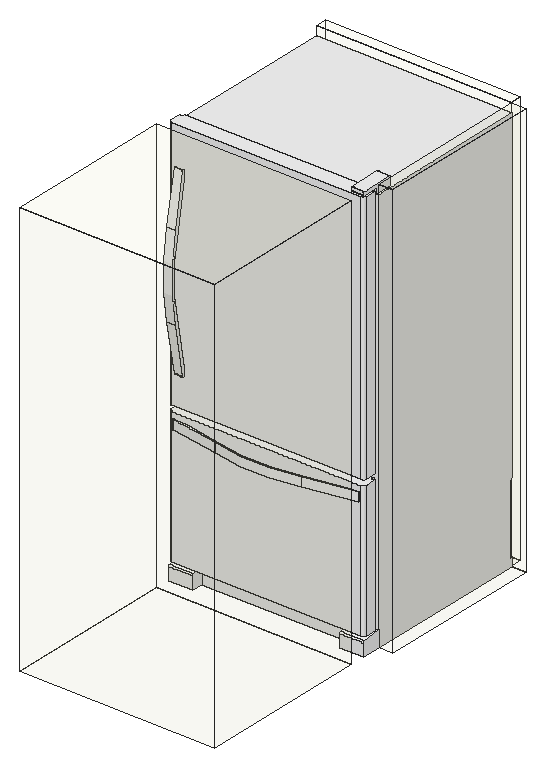
Revit family "WRB322DMBW-006c_Refrigeration_BM", category Specialty Equipment, Revit 2026
Family settings
  Round Connector Dimension = Use Diameter
  Part Type = Normal
  Work Plane-Based = No
  Enable Cutting in Views = No
  Always vertical = Yes
  Cut with Voids When Loaded = No
  Maintain Annotation Orientation = No
  Shared = No
  Room Calculation Point = No
Parameters (values of type "WRB322DMBW")
  Width = 32 5/8"
  Warranty Duration (Years) = "Five years limited"
  Voltage = 120 V
  URL = "https://www.whirlpool.com/kitchen/refrigeration/refrigerators/bottom-freezer/p.33-inches-wide-bottom-freezer-refrigerator-with-spillguard-glass-shelves-22-cu.-ft.wrb322dmbb.html"
  Specification = ""
  SpecWizard = ""
  Show Clearance [instance] = yes
  Send Message = ""
  Sales Information = "https://www.whirlpool.com/kitchen/refrigeration/refrigerators/bottom-freezer/p.33-inches-wide-bottom-freezer-refrigerator-with-spillguard-glass-shelves-22-cu.-ft.wrb322dmbb.html"
  Product Data = "https://www.whirlpool.com/content/dam/global/documents/201901/owners-manual-w11304737-revA.pdf"
  Model = "WRB322DMBW"
  Manufacturer Website = ""
  Manufacturer Phone - Toll Free = ""
  Manufacturer Phone = ""
  Manufacturer Fax = ""
  Manufacturer Email = ""
  Manufacturer Address = ""
  Manufacturer = "Whirlpool"
  Maintenance Schedule (Months) = "NA"
  Leg Material = ARCAT - Metal - Steel - White
  Installation-Fabrication = "https://www.whirlpool.com/content/dam/global/documents/201804/dimension-guide-w105975948.pdf"
  Installation Phase = "NA"
  Height = 70"
  Handle Material = ARCAT - Metal - Steel - White
  HW size = 0"
  Family Name = "Freestanding Refrigerator"
  Expected Lifespan (Years) = "NA"
  Exhaust size = 0"
  Drawn By = ""
  Drain size = 0"
  Door Material = ARCAT - Metal - Steel - White
  Description = "Whirlpool® 33-inch Wide Bottom-Freezer Refrigerator with SpillGuard™ Glass Shelves - 22 cu. ft"
  Depth = 33 3/8"
  Default Elevation = 0"
  Copyright = ""
  Clearance Material = ARCAT - Clearance
  CW size = 0"
  Body Material = ARCAT - Metal - Steel - White
  Apparent Load = 0 VA
  Amps = 15 A
Reference planes (in)
  plane 1 "Center (Front/Back)": y = 0
  plane 2: z = 0
  plane 3 "Center (Left/Right)": x = 0
  plane 4: x = -16.3125
  plane 5: x = 16.3125
  plane 6: z = 0
  plane 7: z = 70
  plane 8: z = 0
  plane 9: y = -2
  plane 10: y = -35.375
  plane 11: z = 12
Forms (in)
  Extrusion 1, solid, material "ARCAT - Clearance" <- "Clearance Material", visible <- "Show Clearance", detail levels medium+fine
    sketch origin (63.95747, -149.5, 0) x (-1, 0, 0) y (0, -1, 0)
      loop
        line (47.64497, -149.5) -> (80.26997, -149.5) -> (80.26997, -147.5) -> (47.64497, -147.5) -> (47.64497, -149.5)
    from 0.5 to 70
  Extrusion 2, solid, material "ARCAT - Metal - Steel - White" <- "Body Material"
    sketch origin (0, -1.25, 0) x (1, 0, 0) y (0, 1, 0)
      loop
        line (-16.3125, -1) -> (-16.3125, -28.625) -> (16.3125, -28.625) -> (16.3125, -1) -> (-16.3125, -1)
    from 0.5 to 68.5
  Extrusion 3, solid, material "ARCAT - Metal - Steel - White" <- "Door Material"
    sketch origin (0, -5, 58.5) x (1, 0, 0) y (0, 1, 0)
      loop
        line (-16.3125, -25.625) -> (-16.3125, -27.375)
        arc (-16.3125, -27.375) -> (-16.16605, -27.72855) -> (-15.8125, -27.875) r 0.5
        line (-15.8125, -27.875) -> (15.8125, -27.875)
        arc (15.8125, -27.875) -> (16.16605, -27.72855) -> (16.3125, -27.375) r 0.5
        line (16.3125, -27.375) -> (16.3125, -25.625) -> (15.8125, -25.625) -> (15.8125, -25.125) -> (-15.8125, -25.125) -> (-15.8125, -25.625) -> (-16.3125, -25.625)
    from -31.5 to 10.75
  Extrusion 4, solid, material "ARCAT - Metal - Steel - White" <- "Body Material"
    sketch origin (-16.3125, -2.25, 2.25) x (1, 0, 0) y (0, 0, -1)
      loop
        line (32.625, -11.5) -> (32.625, 0.25) -> (0, 0.25) -> (0, -11.5) -> (32.625, -11.5)
    from 0 to 0.15591
  Extrusion 5, solid, material "ARCAT - Clearance" <- "Clearance Material", visible <- "Show Clearance", detail levels medium+fine
    sketch origin (63.95747, -179.5, 0) x (-1, 0, 0) y (0, -1, 0)
      loop
        line (47.64497, -144.125) -> (80.26997, -144.125) -> (80.26997, -115.5) -> (47.64497, -115.5) -> (47.64497, -144.125)
    from 0.5 to 70
  Extrusion 6, solid, material "ARCAT - Metal - Steel - White" <- "Leg Material"
    sketch origin (4.68238, 18.64858, 0.5) x (1, 0, 0) y (0, -1, 0)
      loop
        circle (-18.49488, 23.14858) r 0.75
    from 0 to 0.5
  Extrusion 7, solid, material "ARCAT - Metal - Steel - White" <- "Leg Material"
    sketch origin (-4.68238, 18.64858, 0.5) x (1, 0, 0) y (0, -1, 0)
      loop
        circle (18.49488, 23.14858) r 0.75
    from 0 to 0.5
  Extrusion 8, solid, material "ARCAT - Metal - Steel - White" <- "Leg Material"
    sketch origin (4.68238, -1.60142, 0.5) x (1, 0, 0) y (0, -1, 0)
      loop
        circle (-18.49488, 22.39858) r 0.75
    from 0 to 0.5
  Extrusion 9, solid, material "ARCAT - Metal - Steel - White" <- "Leg Material"
    sketch origin (-4.68238, -1.60142, 0.5) x (1, 0, 0) y (0, -1, 0)
      loop
        circle (18.49488, 22.39858) r 0.75
    from 0 to 0.5
  Extrusion 10, solid, material "ARCAT - Clearance" <- "Clearance Material", visible <- "Show Clearance", detail levels medium+fine
    sketch origin (91.95747, -163.63786, 0) x (-1, 0, 0) y (0, -1, 0)
      loop
        line (73.14497, -161.63786) -> (75.64497, -161.63786) -> (75.64497, -133.76286) -> (73.14497, -133.76286) -> (73.14497, -161.63786)
    from 0.5 to 70
  Extrusion 11, solid, material "ARCAT - Metal - Steel - White" <- "Door Material"
    sketch origin (0, -5, 17.5) x (1, 0, 0) y (0, 1, 0)
      loop
        line (-16.3125, -25.625) -> (-16.3125, -27.375)
        arc (-16.3125, -27.375) -> (-16.16605, -27.72855) -> (-15.8125, -27.875) r 0.5
        line (-15.8125, -27.875) -> (15.8125, -27.875)
        arc (15.8125, -27.875) -> (16.16605, -27.72855) -> (16.3125, -27.375) r 0.5
        line (16.3125, -27.375) -> (16.3125, -25.625) -> (15.8125, -25.625) -> (15.8125, -25.125) -> (-15.8125, -25.125) -> (-15.8125, -25.625) -> (-16.3125, -25.625)
    from -14 to 8.5
  Extrusion 12, solid, material "ARCAT - Metal - Steel - White" <- "Handle Material"
    sketch origin (0, -1.25, 23.5) x (1, 0, 0) y (0, -1, 0)
      loop
        arc (-14.16358, 31.625) -> (-10.59184, 32.17525) -> (-7.06599, 32.96802) r 52.91373
        arc (-7.06599, 32.96802) -> (0, 33.875) -> (7.06599, 32.96802) r 27.97788
        arc (7.06599, 32.96802) -> (10.59184, 32.17525) -> (14.16358, 31.625) r 52.91373
        line (14.16358, 31.625) -> (14.77184, 31.625) -> (15.5, 31.625) -> (15.5, 31.71257)
        arc (15.5, 31.71257) -> (15.4939, 31.72835) -> (15.47877, 31.7359) r 0.02344
        arc (15.47877, 31.7359) -> (11.27424, 32.3046) -> (7.12913, 33.20991) r 52.66373
        arc (7.12913, 33.20991) -> (0, 34.125) -> (-7.12913, 33.20991) r 28.22788
        arc (-7.12913, 33.20991) -> (-11.2734, 32.30475) -> (-15.47707, 31.73606) r 52.66373
        arc (-15.47707, 31.73606) -> (-15.49341, 31.7279) -> (-15.5, 31.71087) r 0.02531
        line (-15.5, 31.71087) -> (-15.5, 31.625) -> (-14.16358, 31.625)
    from 0 to -1.5
  Extrusion 13, solid, material "ARCAT - Metal - Steel - White" <- "Handle Material"
    sketch origin (-13.8125, -1.25, 47.375) x (0, 1, 0) y (0, 0, 1)
      loop
        arc (-31.625, -14.16358) -> (-32.17525, -10.59184) -> (-32.96802, -7.06599) r 52.91373
        arc (-32.96802, -7.06599) -> (-33.875, 0) -> (-32.96802, 7.06599) r 27.97788
        arc (-32.96802, 7.06599) -> (-32.17525, 10.59184) -> (-31.625, 14.16358) r 52.91373
        line (-31.625, 14.16358) -> (-31.625, 14.77184) -> (-31.625, 15.5) -> (-31.71257, 15.5)
        arc (-31.71257, 15.5) -> (-31.72835, 15.4939) -> (-31.7359, 15.47877) r 0.02344
        arc (-31.7359, 15.47877) -> (-32.3046, 11.27424) -> (-33.20991, 7.12913) r 52.66373
        arc (-33.20991, 7.12913) -> (-34.125, 0) -> (-33.20991, -7.12913) r 28.22788
        arc (-33.20991, -7.12913) -> (-32.30475, -11.2734) -> (-31.73606, -15.47707) r 52.66373
        arc (-31.73606, -15.47707) -> (-31.7279, -15.49341) -> (-31.71087, -15.5) r 0.02531
        line (-31.71087, -15.5) -> (-31.625, -15.5) -> (-31.625, -14.16358)
    from 0 to -1.5
  Extrusion 14, solid, material "ARCAT - Metal - Steel - White" <- "Body Material"
    sketch origin (16.0625, -27.47329, 69) x (0, -1, 0) y (0, 0, -1)
      loop
        line (2.40171, 0.5) -> (-0.28197, 0.5) -> (-0.28197, -0.9375)
        arc (-0.28197, -0.9375) -> (-0.26367, -0.98169) -> (-0.21947, -1) r 0.0625
        line (-0.21947, -1) -> (4.97565, -1)
        arc (4.97565, -1) -> (5.02061, -0.98138) -> (5.03923, -0.93642) r 0.06358
        line (5.03923, -0.93642) -> (5.03923, -0.42244)
        arc (5.03923, -0.42244) -> (5.02093, -0.37824) -> (4.97673, -0.35994) r 0.0625
        line (4.97673, -0.35994) -> (2.40171, -0.35994) -> (2.40171, 0.5)
    from 0 to -2.0625
  Extrusion 15, solid, material "ARCAT - Metal - Steel - White" <- "Body Material"
    sketch origin (-16.3125, -29.875, 0) x (0, 1, 0) y (0, 0, -1)
      loop
        line (0, -0.5) -> (-3, -0.5) -> (-3, -2.60092)
        arc (-3, -2.60092) -> (-2.9401, -2.76328) -> (-2.78911, -2.84784) r 0.25
        line (-2.78911, -2.84784) -> (0, -3.2896) -> (0, -0.5)
    from 0 to -4
  Extrusion 16, solid, material "ARCAT - Metal - Steel - White" <- "Body Material"
    sketch origin (16.3125, -26.5, 0) x (0, 1, 0) y (0, 0, 1)
      loop
        line (-3.375, 0.5) -> (-3.375, 3.2896) -> (-6.16411, 2.84784)
        arc (-6.16411, 2.84784) -> (-6.3151, 2.76328) -> (-6.375, 2.60092) r 0.25
        line (-6.375, 2.60092) -> (-6.375, 0.5) -> (-3.375, 0.5)
    from 0 to -4
  Extrusion 17, solid, material "ARCAT - Metal - Steel - White" <- "Body Material"
    sketch origin (12.3125, -26.5, 0) x (0, -1, 0) y (0, 0, 1)
      loop
        line (3.375, 0.5) -> (4.46096, 0.5) -> (4.46096, 3.1176) -> (3.375, 3.2896) -> (3.375, 0.5)
    from 0 to 24.625
  Extrusion 18, solid, material "ARCAT - Metal - Steel - White" <- "Body Material"
    sketch origin (-14, -2.25, 0) x (1, 0, 0) y (0, 0, -1)
      loop
        line (30.3125, -68.5) -> (30.3125, -13.75) -> (29.8125, -13.75) -> (29.8125, -68) -> (-1.8125, -68) -> (-1.8125, -13.75) -> (-2.3125, -13.75) -> (-2.3125, -68.5) -> (30.3125, -68.5)
      loop
        line (30.3125, -0.5) -> (29.8125, -0.5) -> (29.8125, -2) -> (30.3125, -2) -> (30.3125, -0.5)
      loop
        line (-2.3125, -0.5) -> (-2.3125, -2) -> (-1.8125, -2) -> (-1.8125, -0.5) -> (-2.3125, -0.5)
    from 0 to 0.25
  Blend 19, solid, material "ARCAT - Metal - Steel - White" <- "Body Material"
    base sketch origin (0, -0.09409, 1.75) x (1, 0, 0) y (0, 0, 1)
      loop
        arc (-4.13603, 9.23032) -> (-4.21502, 9.42101) -> (-4.40571, 9.5) r 0.26968
        line (-4.40571, 9.5) -> (-14.54282, 9.5)
        arc (-14.54282, 9.5) -> (-14.73351, 9.42101) -> (-14.8125, 9.23032) r 0.26968
        line (-14.8125, 9.23032) -> (-14.8125, 1.76968)
        arc (-14.8125, 1.76968) -> (-14.73351, 1.57899) -> (-14.54282, 1.5) r 0.26968
        line (-14.54282, 1.5) -> (-4.40571, 1.5)
        arc (-4.40571, 1.5) -> (-4.21502, 1.57899) -> (-4.13603, 1.76968) r 0.26968
        line (-4.13603, 1.76968) -> (-4.13603, 9.23032)
    top sketch origin (0, -0.09409, 1.75) x (1, 0, 0) y (0, 0, 1)
      loop
        arc (-4.38603, 9.23032) -> (-4.3918, 9.24424) -> (-4.40571, 9.25) r 0.01968
        line (-4.40571, 9.25) -> (-14.54282, 9.25)
        arc (-14.54282, 9.25) -> (-14.55674, 9.24424) -> (-14.5625, 9.23032) r 0.01968
        line (-14.5625, 9.23032) -> (-14.5625, 1.76968)
        arc (-14.5625, 1.76968) -> (-14.55674, 1.75576) -> (-14.54282, 1.75) r 0.01968
        line (-14.54282, 1.75) -> (-4.40571, 1.75)
        arc (-4.40571, 1.75) -> (-4.3918, 1.75576) -> (-4.38603, 1.76968) r 0.01968
        line (-4.38603, 1.76968) -> (-4.38603, 9.23032)
    from 2 to 1.90591
  Blend 20, solid, material "ARCAT - Metal - Steel - White" <- "Body Material"
    base sketch origin (8.04815, -0.09409, 2) x (1, 0, 0) y (0, 0, 1)
      loop
        line (-4.36143, 9) -> (-11.12668, 9)
        arc (-11.12668, 9) -> (-11.28607, 8.93398) -> (-11.35208, 8.7746) r 0.2254
        line (-11.35208, 8.7746) -> (-11.35208, 1.1004)
        arc (-11.35208, 1.1004) -> (-11.28607, 0.94102) -> (-11.12668, 0.875) r 0.2254
        line (-11.12668, 0.875) -> (-4.36143, 0.875)
        arc (-4.36143, 0.875) -> (-4.20205, 0.94102) -> (-4.13603, 1.1004) r 0.2254
        line (-4.13603, 1.1004) -> (-4.13603, 8.7746)
        arc (-4.13603, 8.7746) -> (-4.20205, 8.93398) -> (-4.36143, 9) r 0.2254
    top sketch origin (8.04815, -0.09409, 2) x (1, 0, 0) y (0, 0, 1)
      loop
        arc (-4.33525, 8.7746) -> (-4.34292, 8.79311) -> (-4.36143, 8.80078) r 0.02618
        line (-4.36143, 8.80078) -> (-11.12668, 8.80078)
        arc (-11.12668, 8.80078) -> (-11.1452, 8.79311) -> (-11.15287, 8.7746) r 0.02618
        line (-11.15287, 8.7746) -> (-11.15287, 1.1004)
        arc (-11.15287, 1.1004) -> (-11.1452, 1.08189) -> (-11.12668, 1.07422) r 0.02618
        line (-11.12668, 1.07422) -> (-4.36143, 1.07422)
        arc (-4.36143, 1.07422) -> (-4.34292, 1.08189) -> (-4.33525, 1.1004) r 0.02618
        line (-4.33525, 1.1004) -> (-4.33525, 8.7746)
    from 2 to 1.90591
  Extrusion 21, solid, material "ARCAT - Metal - Steel - White" <- "Body Material"
    sketch origin (-16.3125, -2.25, -3.5) x (1, 0, 0) y (0, 0, -1)
      loop
        circle (5.66609, -29.78569) r 0.25
    from 0 to 0.03125
  Extrusion 22, solid, material "ARCAT - Metal - Steel - White" <- "Body Material"
    sketch origin (-17.3125, -2.25, -1.5) x (1, 0, 0) y (0, 0, -1)
      loop
        circle (20.21038, -56.02428) r 0.25
    from 0 to 0.03125
  Extrusion 23, solid, material "ARCAT - Metal - Steel - White" <- "Body Material"
    sketch origin (-16.3125, -2.09409, 1.6875) x (1, 0, 0) y (0, 0, -1)
      loop
        circle (16.3125, 0.33203) r 0.25
    from 0 to 0.03125
Cuts and joins
  joined: Extrusion 15, Extrusion 16, Extrusion 17
  joined: Extrusion 2, Extrusion 18
Lines and regions (in)
  symbolic lines
    curve 1: line (-16.3125, -2, 0) -> (16.3125, -2, 0)
    curve 2: line (-16.3125, -32.875, 0) -> (-16.3125, -2, 0)
    curve 3: line (16.3125, -2, 0) -> (16.3125, -32.875, 0)
  symbolic lines, style "SpecialityEquipment"
    curve 4: line (-15.3125, -35.375, 70) -> (-15.3125, -32.875, 70)
    curve 5: line (-15.3125, -35.375, 70) -> (-13.8125, -35.375, 70)
    curve 6: line (-13.8125, -35.375, 70) -> (-13.8125, -32.875, 70)
    curve 7: arc (-7.12913, -34.45991, 70) -> (-10.44996, -33.70689, 70) -> (-13.8125, -33.17005, 70) r 52.66373
    curve 8: arc (7.12913, -34.45991, 70) -> (0, -35.375, 70) -> (-7.12913, -34.45991, 70) r 28.22788
    curve 9: arc (15.47877, -32.9859, 70) -> (11.27424, -33.5546, 70) -> (7.12913, -34.45991, 70) r 52.66373
    curve 10: line (15.5, -32.96257, 70) -> (15.5, -32.875, 70)
    curve 11: arc (15.5, -32.96257, 70) -> (15.4939, -32.97835, 70) -> (15.47877, -32.9859, 70) r 0.02344
    curve 12: line (-16.3125, -32.875, 70) -> (16.3125, -32.875, 70)
    curve 13: arc (7.06599, -34.21802, 70) -> (10.59184, -33.42525, 70) -> (14.16358, -32.875, 70) r 52.91373
    curve 14: arc (-7.06599, -34.21802, 70) -> (0, -35.125, 70) -> (7.06599, -34.21802, 70) r 27.97788
    curve 15: arc (-13.8125, -32.91806, 70) -> (-10.41813, -33.45842, 70) -> (-7.06599, -34.21802, 70) r 52.91373
  model lines
    curve 16: line (-10.3125, -30.96096, 2.64468) -> (-10.3125, -30.96096, 0.85509)
    curve 17: line (10.3125, -30.96096, 2.64468) -> (-10.3125, -30.96096, 2.64468)
    curve 18: line (-10.3125, -30.96096, 0.85509) -> (10.3125, -30.96096, 0.85509)
    curve 19: line (10.3125, -30.96096, 2.64468) -> (10.3125, -30.96096, 0.85509)
    curve 20: line (10.3125, -30.96096, 2.20718) -> (-10.3125, -30.96096, 2.20718)
    curve 21: line (10.3125, -30.96096, 1.76968) -> (-10.3125, -30.96096, 1.76968)
    curve 22: line (10.3125, -30.96096, 1.29259) -> (-10.3125, -30.96096, 1.29259)
    curve 23: line (6.875, -2.09409, 11) -> (4.6875, -2.09409, 11)
    curve 24: line (4.6875, -2.09409, 11) -> (4.6875, -2.09409, 2.85509)
    curve 25: line (4.6875, -2.09409, 2.85509) -> (6.875, -2.09409, 2.85509)
    curve 26: line (6.875, -2.09409, 2.85509) -> (6.875, -2.09409, 11)
    curve 27: line (9.5, -2.09409, 11) -> (7.3125, -2.09409, 11)
    curve 28: line (7.3125, -2.09409, 11) -> (7.3125, -2.09409, 2.85509)
    curve 29: line (7.3125, -2.09409, 2.85509) -> (9.5, -2.09409, 2.85509)
    curve 30: line (9.5, -2.09409, 2.85509) -> (9.5, -2.09409, 11)
    curve 31: line (12.125, -2.09409, 11) -> (9.9375, -2.09409, 11)
    curve 32: line (9.9375, -2.09409, 11) -> (9.9375, -2.09409, 2.85509)
    curve 33: line (9.9375, -2.09409, 2.85509) -> (12.125, -2.09409, 2.85509)
    curve 34: line (12.125, -2.09409, 2.85509) -> (12.125, -2.09409, 11)
    curve 35: line (14.75, -2.09409, 11) -> (12.5625, -2.09409, 11)
    curve 36: line (12.5625, -2.09409, 11) -> (12.5625, -2.09409, 2.85509)
    curve 37: line (12.5625, -2.09409, 2.85509) -> (14.75, -2.09409, 2.85509)
    curve 38: line (14.75, -2.09409, 2.85509) -> (14.75, -2.09409, 11)
Dimensions and locks (in)
  equal spacing: plane 4, plane 3 "Center (Left/Right)", plane 5
  "Width": plane 4 to plane 5
  "Height": plane 7 to level
  "Depth": plane 9 to plane 10
  aligned and locked: plane 2 to level
Automatic sketch dimensions
  curve 2 to plane 4 = 0"
  curve 3 to plane 5 = 0"
  plane 9 to curve 2 = 0"
  plane 10 to curve 3 = 2 1/2"
  plane 10 to curve 2 = 2 1/2"
  Extrusion 1 sketch curve to plane 5 = 0"
  Extrusion 1 sketch curve to plane 4 = 0"
  plane 1 "Center (Front/Back)" to Extrusion 1 sketch curve = 0"
  plane 9 to Extrusion 1 sketch curve = 0"
  curve 7 to curve 15 = 0"  (x2)
  curve 8 to curve 14 = 0"  (x2)
  curve 9 to curve 13 = 0"  (x2)
  curve 12 to plane 5 = 0"
  curve 8 to plane 3 "Center (Left/Right)" = 0"
  curve 12 to plane 4 = 0"
  curve 13 to plane 5 = 4 15/128"
  plane 5 to curve 10 = 13/16"
  curve 11 to curve 11 = 3/128"
  plane 10 to curve 5 = 0"
  plane 4 to curve 5 = 2 1/2"
  plane 4 to curve 5 = 1"
  curve 15 to plane 4 = 4 15/128"
  plane 10 to curve 11 = 2.41243"
  plane 9 to curve 8 = 5.14712"
  curve 15 to plane 10 = 50.0414"
  curve 7 to curve 9 = 0"
  curve 9 to curve 11 = 0"
  curve 11 to curve 13 = 1.31299"
  curve 8 to curve 9 = 0"
  curve 8 to curve 14 = 0.06314"
  curve 13 to curve 14 = 0"
  curve 15 to curve 14 = 0"
  curve 7 to curve 8 = 0"
  Extrusion 2 sketch curve to plane 4 = 0"
  Extrusion 2 sketch curve to plane 5 = 0"
  plane 10 to Extrusion 2 sketch curve = 5 1/2"
  plane 9 to Extrusion 2 sketch curve = 1/4"
  Extrusion 3 sketch curve to plane 4 = 0"
  Extrusion 3 sketch curve to plane 5 = 0"
  plane 4 to Extrusion 3 sketch curve = 1/2"  (x2)
  plane 5 to Extrusion 3 sketch curve = 1/2"  (x2)
  plane 10 to Extrusion 3 sketch curve = 2 1/2"
  Extrusion 3 sketch curve to Extrusion 3 sketch curve = 1 3/4"  (x2)
  Extrusion 3 sketch curve to Extrusion 3 sketch curve = 1/2"
  Extrusion 5 sketch curve to plane 5 = 0"
  Extrusion 5 sketch curve to plane 4 = 0"
  Extrusion 5 sketch curve to plane 10 = 0"
  Extrusion 5 sketch curve to Extrusion 5 sketch curve = 28 5/8"
  curve 24 to curve 25 = 2 3/16"
  curve 25 to curve 29 = 7/16"
  curve 28 to curve 29 = 2 3/16"
  curve 29 to curve 33 = 7/16"
  curve 31 to curve 31 = 2 3/16"
  curve 31 to curve 35 = 7/16"
  curve 34 to curve 35 = 0"
  curve 27 to curve 31 = 0"
  curve 32 to curve 29 = 0"
  curve 26 to curve 28 = 0"
  curve 36 to curve 33 = 0"
  plane 4 to Extrusion 6 sketch curve = 2 1/2"
  plane 9 to Extrusion 6 sketch curve = 2 1/2"
  plane 5 to Extrusion 7 sketch curve = 2 1/2"
  plane 9 to Extrusion 7 sketch curve = 2 1/2"
  plane 4 to Extrusion 8 sketch curve = 2 1/2"
  plane 10 to Extrusion 8 sketch curve = 11 3/8"
  plane 5 to Extrusion 9 sketch curve = 2 1/2"
  plane 10 to Extrusion 9 sketch curve = 11 3/8"
  plane 9 to Extrusion 10 sketch curve = 0"
  Extrusion 10 sketch curve to plane 5 = 0"
  Extrusion 10 sketch curve to plane 5 = 2 1/2"
  plane 10 to Extrusion 10 sketch curve = 5 1/2"
  Extrusion 11 sketch curve to plane 4 = 0"
  Extrusion 11 sketch curve to plane 5 = 0"
  plane 4 to Extrusion 11 sketch curve = 1/2"  (x2)
  plane 5 to Extrusion 11 sketch curve = 1/2"  (x2)
  plane 10 to Extrusion 11 sketch curve = 2 1/2"
  Extrusion 11 sketch curve to Extrusion 11 sketch curve = 1 3/4"  (x2)
  Extrusion 11 sketch curve to Extrusion 11 sketch curve = 1/2"
  Extrusion 12 sketch curve to Extrusion 12 sketch curve = 0"  (x10)
  Extrusion 12 sketch curve to plane 3 "Center (Left/Right)" = 0"
  plane 4 to Extrusion 12 sketch curve = 2.14892"
  plane 4 to Extrusion 12 sketch curve = 0.83781"
  Extrusion 12 sketch curve to Extrusion 12 sketch curve = 0.02531"
  Extrusion 12 sketch curve to plane 4 = 4 15/128"
  plane 5 to Extrusion 12 sketch curve = 2.14892"
  Extrusion 12 sketch curve to Extrusion 12 sketch curve = 0.60826"
  Extrusion 12 sketch curve to Extrusion 12 sketch curve = 0.70472"
  Extrusion 12 sketch curve to Extrusion 12 sketch curve = 3/128"
  Extrusion 12 sketch curve to plane 5 = 4 15/128"
  Extrusion 12 sketch curve to plane 10 = 50.0414"
  plane 10 to Extrusion 12 sketch curve = 2.41243"
  plane 10 to Extrusion 12 sketch curve = 2.41413"
  Extrusion 12 sketch curve to Extrusion 12 sketch curve = 0.08757"
  Extrusion 12 sketch curve to Extrusion 12 sketch curve = 0.08587"
  plane 9 to Extrusion 12 sketch curve = 5.14712"
  Extrusion 12 sketch curve to Extrusion 12 sketch curve = 0.06314"
  Extrusion 13 sketch curve to Extrusion 13 sketch curve = 0"  (x10)
  plane 7 to Extrusion 13 sketch curve = 2 25/128"
  Extrusion 13 sketch curve to plane 10 = 50.04139"
  plane 10 to Extrusion 13 sketch curve = 2.41243"
  plane 10 to Extrusion 13 sketch curve = 2.41414"
  Extrusion 13 sketch curve to Extrusion 13 sketch curve = 0.08757"
  Extrusion 13 sketch curve to Extrusion 13 sketch curve = 0.08587"
  plane 9 to Extrusion 13 sketch curve = 5.14712"
  plane 7 to Extrusion 13 sketch curve = 7 1/8"
  Extrusion 13 sketch curve to Extrusion 13 sketch curve = 3/128"
  Extrusion 13 sketch curve to Extrusion 13 sketch curve = 0.70472"
  Extrusion 13 sketch curve to Extrusion 13 sketch curve = 0.60826"
  plane 7 to Extrusion 13 sketch curve = 22 5/8"
  Extrusion 13 sketch curve to Extrusion 13 sketch curve = 21.22957"
  Extrusion 13 sketch curve to Extrusion 13 sketch curve = 1.31112"
  Extrusion 13 sketch curve to Extrusion 13 sketch curve = 0.02531"
  level to Extrusion 13 sketch curve = 26 121/128"
  Extrusion 13 sketch curve to Extrusion 13 sketch curve = 0.2419"
  plane 7 to Extrusion 14 sketch curve = 0"
  plane 7 to Extrusion 14 sketch curve = 1 1/2"
  plane 10 to Extrusion 14 sketch curve = 8.18368"
  Extrusion 14 sketch curve to Extrusion 14 sketch curve = 1/16"
  Extrusion 14 sketch curve to Extrusion 14 sketch curve = 2.68368"
  Extrusion 14 sketch curve to Extrusion 14 sketch curve = 2.57394"
  Extrusion 14 sketch curve to Extrusion 14 sketch curve = 0.00108"
  plane 7 to Extrusion 14 sketch curve = 0.06358"
  Extrusion 14 sketch curve to Extrusion 14 sketch curve = 0.51398"
  Extrusion 2 to Extrusion 15 sketch curve = 0"
  Extrusion 15 sketch curve to Extrusion 2 = 0"
  Extrusion 2 to Extrusion 15 sketch curve = 2 3/4"
  Extrusion 15 sketch curve to Extrusion 15 sketch curve = 0.03911"
  Extrusion 15 sketch curve to Extrusion 15 sketch curve = 1/4"
  Extrusion 15 sketch curve to Extrusion 15 sketch curve = 2.10092"
  Extrusion 15 sketch curve to Extrusion 15 sketch curve = 2.7896"
  level to Extrusion 16 sketch curve = 1/2"
  plane 10 to Extrusion 16 sketch curve = 2 1/2"
  Extrusion 16 sketch curve to Extrusion 16 sketch curve = 0.21089"
  Extrusion 16 sketch curve to Extrusion 16 sketch curve = 0.03911"
  Extrusion 16 sketch curve to Extrusion 16 sketch curve = 3"
  Extrusion 16 sketch curve to Extrusion 16 sketch curve = 2.10092"
  Extrusion 16 sketch curve to Extrusion 16 sketch curve = 2.7896"
  Extrusion 17 sketch curve to Extrusion 16 = 0"  (x3)
  Extrusion 16 to Extrusion 17 sketch curve = 0"
  Extrusion 17 sketch curve to Extrusion 17 sketch curve = 1.08596"
  curve 19 to Extrusion 17 = 0.47291"
  Extrusion 17 to curve 18 = 0.35509"
  Extrusion 17 to curve 16 = 2"
  Extrusion 17 to curve 18 = 2"
  curve 17 to curve 20 = 7/16"
  curve 20 to curve 21 = 7/16"
  curve 22 to curve 18 = 7/16"
  plane 4 to Blend 19 sketch curve = 1 1/2"
  Blend 19 sketch curve to Blend 19 sketch curve = 0.26968"  (x3)
  Blend 19 sketch curve to plane 3 "Center (Left/Right)" = 4.40571"  (x4)
  level to Blend 19 sketch curve = 3 1/4"
  Blend 19 sketch curve to Blend 19 sketch curve = 7.46064"  (x2)
  plane 4 to Blend 19 sketch curve = 1 3/4"
  Blend 19 sketch curve to Blend 19 sketch curve = 0.01968"  (x3)
  level to Blend 19 sketch curve = 3 1/2"
  Blend 20 sketch curve to plane 3 "Center (Left/Right)" = 3.30393"
  Blend 20 sketch curve to Blend 20 sketch curve = 0.2254"  (x3)
  plane 3 "Center (Left/Right)" to Blend 20 sketch curve = 3.68672"  (x4)
  level to Blend 20 sketch curve = 2 7/8"
  Blend 20 sketch curve to Blend 20 sketch curve = 7.67419"  (x2)
  Blend 20 sketch curve to plane 3 "Center (Left/Right)" = 3.10471"
  Blend 20 sketch curve to Blend 20 sketch curve = 0.02618"  (x3)
  level to Blend 20 sketch curve = 3 19/256"
  Extrusion 21 sketch curve to Extrusion 2 = 5.66609"
  Extrusion 2 to Extrusion 21 sketch curve = 25.78569"
  Extrusion 22 sketch curve to Extrusion 2 = 13.41462"
  Extrusion 2 to Extrusion 22 sketch curve = 13.97572"
  curve 38 to Extrusion 4 = 2 3/4"
  curve 26 to curve 27 = 0"
  curve 29 to Extrusion 4 = 0.85509"
  Extrusion 4 to Extrusion 23 sketch curve = 165/256"
  Extrusion 4 sketch curve to Extrusion 4 sketch curve = 11 3/4"
  Extrusion 4 sketch curve to Extrusion 2 = 0"  (x2)
  Extrusion 2 to Extrusion 4 sketch curve = 1 1/2"
  curve 23 to Extrusion 4 = 11 5/8"
  curve 37 to Extrusion 4 = 1 9/16"
  Extrusion 23 sketch curve to Extrusion 4 = 16 5/16"
  Extrusion 18 sketch curve to plane 4 = 0"  (x2)
  plane 5 to Extrusion 18 sketch curve = 0"  (x2)
  plane 4 to Extrusion 18 sketch curve = 1/2"  (x2)
  plane 5 to Extrusion 18 sketch curve = 1/2"  (x2)
  plane 7 to Extrusion 18 sketch curve = 1 1/2"
  Extrusion 18 sketch curve to Extrusion 18 sketch curve = 1/2"
  Extrusion 18 sketch curve to plane 11 = 1 3/4"  (x2)
  level to Extrusion 18 sketch curve = 2"  (x2)
  level to Extrusion 18 sketch curve = 1/2"  (x2)
  radius of Extrusion 6 sketch curve = 3/4"
  radius of Extrusion 7 sketch curve = 3/4"
  radius of Extrusion 8 sketch curve = 3/4"
  radius of Extrusion 9 sketch curve = 3/4"
  radius of Extrusion 21 sketch curve = 1/4"
  radius of Extrusion 22 sketch curve = 1/4"
  radius of Extrusion 23 sketch curve = 1/4"
Connectors (in)
  electrical at (0, -2.06284, 1.35547), driven by "Voltage", driven by "Apparent Load"
    settings: on Extrusion 23, index 1, voltage 120 V, apparent load 0 VA, apparent load phase1 0 VA, apparent load phase2 0 VA, apparent load phase3 0 VA, power factor 1, load classification "Other", number of poles 1, system type 30, power factor state 1, is connector primary yes, connector utility no, sub classification motor no, connector description "Electrical Connection"
